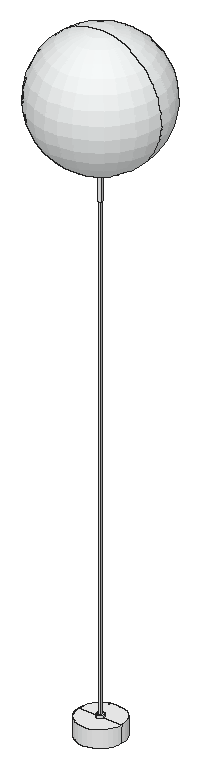
Revit family "56591.1_HOST_FACE_2015", category Lighting Fixtures, host Face, Revit 2015
Parameters (values of type "Pendant Luminaires")
  Wattage = 23.8586 W
  built-in parameter 1150110 = 1 (stored number, unit not read)
  URL = "www.bega-us.com"
  built-in parameter 1114217 = 1 (stored number, unit not read)
  Tilt Angle = 90.00°
  built-in parameter 1150109 = 1 (stored number, unit not read)
  built-in parameter 1150134 = (empty or 0)
  Telephone = "805.684.0533"
  built-in parameter 1150113 = 1 (stored number, unit not read)
  Photometric Web File = "56591.ies"
  built-in parameter 1150142 = "IESNA:LM-63-1995\r\n[TEST] \r\n[MANUFAC] GLASHÜTTE LIMBURG\r\n[MORE] Converted by LUMCat V \r\n[MORE] 20.04.2015 / M.S.\r\n[LUMCAT] \r\n[LUMINAIRE] 56591\r\n[LAMPCAT] LED  35,1W\r\n[LAMPCAT] LED  35,1W    3543 lm,   41 W\r\n[LAMP] LED  35,1W\r\nTILT=NONE\r\n1 -1 1 73 1 1 1 -1.31 0 -1.31\r\n1 1 41\r\n0 2.5 5 7.5 10 12.5 15 17.5 20 22.5 25 27.5 30 32.5 35 37.5 40 42.5 45 47.5 50 52.5 55 57.5 60 62.5 65 67.5 70 72.5 75 77.5 80 82.5\r\n 85 87.5 90 92.5 95 97.5 100 102.5 105 107.5 110 112.5 115 117.5 120 122.5 125 127.5 130 132.5 135 137.5 140 142.5 145 147.5 150 \r\n152.5 155 157.5 160 162.5 165 167.5 170 172.5 175 177.5 180\r\n0\r\n310.30 310.40 310.50 311.00 311.10 311.30 311.50 311.70 311.90 311.90 312.00 312.10 312.20 312.40 312.40 312.60 312.60 312.70 \r\n312.70 312.60 312.60 312.50 312.30 312.00 311.70 311.20 310.60 309.80 309.20 308.10 306.90 305.60 304.20 302.50 300.70 298.70 \r\n296.60 294.30 291.90 289.30 286.50 283.70 280.70 277.50 274.20 270.80 267.40 263.80 260.20 256.80 253.10 249.50 245.90 242.40 \r\n238.90 235.50 232.20 228.90 225.70 222.50 219.50 216.70 213.90 211.30 208.80 204.10 196.60 186.20 168.00 146.10 119.50 80.40 74.80\r\n"
  Model = "56 591.1"
  Manufacturer = "BEGA-US"
  built-in parameter 1150105 = 282.02 (stored number, unit not read)
  Lumens = 3544 lm
  built-in parameter 1150115 = 1 (stored number, unit not read)
  built-in parameter 1150137 = (empty or 0)
  built-in parameter 1150139 = (empty or 0)
  built-in parameter 1150112 = 1 (stored number, unit not read)
  built-in parameter 1150114 = 1 (stored number, unit not read)
  Lamp = "35.7W LED"
  built-in parameter 1150132 = 2
  built-in parameter 1150102 = (empty or 0)
  built-in parameter 1150107 = 3000 (stored number, unit not read)
  built-in parameter 1150138 = (empty or 0)
  built-in parameter 1150106 = 2.8202 (stored number, unit not read)
  built-in parameter 1150104 = 13.8 (stored number, unit not read)
  Dimming Lamp Color Temperature Shift = <None>
  Description = "Pendant -sphere"
  Default Elevation = 0' - 0"
  Color Filter = 16777215
  built-in parameter 1114218 = 1 (stored number, unit not read)
  built-in parameter 1150133 = 10 (stored number, unit not read)
Reference planes (in)
  plane 1 "Center (Front/Back)": y = 0
  plane 2: z = 0
  plane 3 "Center (Left/Right)": x = 0
Dimensions and locks (in)
  aligned and locked: plane 2 to host face
  aligned and locked: level to host face
Nested families (in)
  nested 1: "56591.1" at (0, 0, 0), type "56591.1"
Connectors (in)
  electrical at (0, 0, 0)
    settings: on host face, index 1, voltage 0 V, apparent load 0 VA, apparent load phase1 0 VA, apparent load phase2 0 VA, apparent load phase3 0 VA, power factor 1, load classification "Other", number of poles 1, system type 31, power factor state 1, is connector primary yes, connector utility no, sub classification motor no, connector description ""
Definition of nested family "56591.1"
  Reference planes (in)
    plane 1 "Center (Front/Back)": y = 0
    plane 2: z = 0
    plane 3 "Center (Left/Right)": x = 0
  Forms (in)
    Revolve 1, solid
      sketch origin (0, 0, 0) x (1, 0, 0) y (0, 0, 1)
        loop
          arc (3.60772, 66.125) -> (7.65312, 74.98116) -> (0, 81) r 7.875
          line (0, 81) -> (0, 80.9375)
          arc (0, 80.9375) -> (7.5906, 74.97377) -> (3.59253, 66.1875) r 7.8125
          line (3.59253, 66.1875) -> (2.79522, 66.1875) -> (2.79522, 65.875) -> (2.85772, 65.875) -> (2.85772, 66.125) -> (3.60772, 66.125)
        axis (0, 65.875) -> (0, 81)
      angle from 0 to 360
    Revolve 2, solid
      sketch origin (0, 0, 0) x (1, 0, 0) y (0, 0, 1)
        loop
          arc (-3.35772, 66.0017) -> (-1.8422, 65.4685) -> (-0.25, 65.25397) r 7.875
          line (-0.25, 65.25397) -> (-0.25, 61.375) -> (0, 61.375) -> (0, 66.125) -> (-3.35772, 66.125) -> (-3.35772, 66.0017)
        axis (0, 61.375) -> (0, 66.125)
      angle from 0 to 360
    Revolve 3, solid
      sketch origin (0, 0, 0) x (1, 0, 0) y (0, 0, 1)
        loop
          line (0, 0) -> (2.8125, 0) -> (2.8125, 2.125) -> (0.4375, 2.125) -> (0.4375, 2.375) -> (0.125, 2.375) -> (0.125, 61.375) -> (0, 61.375) -> (0, 2.0625) -> (2.75, 2.0625) -> (2.75, 0.0625) -> (0, 0.0625) -> (0, 0)
        axis (0, 0) -> (0, 61.375)
      angle from 0 to 360
  Dimensions and locks (in)
    aligned and locked: plane 2 to level
Types (5): name | Wattage | built-in parameter 1150134 | Photometric Web File | built-in parameter 1150142 | Model | built-in parameter 1150105 | Lumens | Lamp | built-in parameter 1150107 | built-in parameter 1150106 | Description | Default Elevation
  (no name) | 23.8586 W | (empty or 0) | "56591.ies" | "IESNA:LM-63-1995\r\n[TEST] \r\n[MANUFAC] GLASHÜTTE LIMBURG\r\n[MORE] Converted by LUMCat V \r\n[MORE] 20.04.2015 / M.S.\r\n[LUMCAT] \r\n[LUMINAIRE] 56591\r\n[LAMPCAT] LED  35,1W\r\n[LAMPCAT] LED  35,1W    3543 lm,   41 W\r\n[LAMP] LED  35,1W\r\nTILT=NONE\r\n1 -1 1 73 1 1 1 -1.31 0 -1.31\r\n1 1 41\r\n0 2.5 5 7.5 10 12.5 15 17.5 20 22.5 25 27.5 30 32.5 35 37.5 40 42.5 45 47.5 50 52.5 55 57.5 60 62.5 65 67.5 70 72.5 75 77.5 80 82.5\r\n 85 87.5 90 92.5 95 97.5 100 102.5 105 107.5 110 112.5 115 117.5 120 122.5 125 127.5 130 132.5 135 137.5 140 142.5 145 147.5 150 \r\n152.5 155 157.5 160 162.5 165 167.5 170 172.5 175 177.5 180\r\n0\r\n310.30 310.40 310.50 311.00 311.10 311.30 311.50 311.70 311.90 311.90 312.00 312.10 312.20 312.40 312.40 312.60 312.60 312.70 \r\n312.70 312.60 312.60 312.50 312.30 312.00 311.70 311.20 310.60 309.80 309.20 308.10 306.90 305.60 304.20 302.50 300.70 298.70 \r\n296.60 294.30 291.90 289.30 286.50 283.70 280.70 277.50 274.20 270.80 267.40 263.80 260.20 256.80 253.10 249.50 245.90 242.40 \r\n238.90 235.50 232.20 228.90 225.70 222.50 219.50 216.70 213.90 211.30 208.80 204.10 196.60 186.20 168.00 146.10 119.50 80.40 74.80\r\n" | "56 591.1" | 282.02 (stored number, unit not read) | 3544 lm | "35.7W LED" | 3000 (stored number, unit not read) | 2.8202 (stored number, unit not read) | "Pendant -sphere" | 0' - 0"
  Wall Luminaires - Directed Light | 18.4392 W | (empty or 0) | "generic" | (empty or 0) | "2260LED" | 217.96 (stored number, unit not read) | 2739 lm | "44.6W LED" | 3000 (stored number, unit not read) | 2.1796 (stored number, unit not read) | "Surface wall with cutoff optics" | 6' - 0"
  Wall Luminaires - Linear | 9.92985 W | 9 | "generic" | (empty or 0) | "4425P" | 117.38 (stored number, unit not read) | 1475 lm | "(1) 39W CF twin-4-p" | 3450 (stored number, unit not read) | 1.1738 (stored number, unit not read) | "Suface wall - linear with white acrylic diffuser" | 6' - 0"
  Ceiling and Wall Luminaires - Unshielded | 2.66591 W | (empty or 0) | "33508.ies" | "IESNA:LM-63-2002\r\n[TEST] L05135312R01\r\n[TESTLAB] LIGHT LABORATORY, INC.\r\n[ISSUEDATE] 06/03/2013\r\n[MANUFAC] BEGA US\r\n[LUMCAT] 33 508\r\n[LUMINAIRE] 8-1/4\"DIA. X 4-3/4\"H. SURFACE WALL LED FIXTURE\r\n[MORE] CRYSTAL GLASS WITH INTERNAL TEXTURE\r\n[MORE] DIE CAST ALUMINIUM COVER TOP\r\n[BALLASTCAT] INVENTRONICS LUC-012S035DSM\r\n[BALLAST] INPUT:100-277VAC, 0.2A, 50/60HZ OUTPUT:17-34VDC, 0.035-0.35A\r\n[LAMPPOSITION] 0,0\r\n[LAMPCAT] N/A\r\n[OTHER] INDICATING THE CANDELA VALUES ARE ABSOLUTE AND\r\n[MORE] SHOULD NOT BE FACTORED FOR DIFFERENT LAMP RATINGS.\r\n[_INPUT] 120VAC, 9.69W\r\n[_TEST PROCEDURE] IESNA:LM-79-08\r\nTILT=NONE\r\n1 -1 1 73 145 1 1 -0.65 -0.65 0.21\r\n1 1 9.69\r\n0 2.5 5 7.5 10 12.5 15 17.5 20 22.5 25 27.5 30 32.5 35 37.5 40 42.5 45 47.5 50 52.5 55 57.5 60 62.5 65 67.5 70 72.5 75 77.5 80 82.5 85 87.5 90 92.5 95 97.5 100 102.5 105 107.5 110 112.5 115 117.5 120 122.5 125 127.5 130 132.5 135 137.5 140 142.5 145 147.5\r\n 150 152.5 155 157.5 160 162.5 165 167.5 170 172.5 175 177.5 180\r\n0 2.5 5 7.5 10 12.5 15 17.5 20 22.5 25 27.5 30 32.5 35 37.5 40 42.5 45 47.5 50 52.5 55 57.5 60 62.5 65 67.5 70 72.5 75 77.5 80 82.5 85 87.5 90 92.5 95 97.5 100 102.5 105 107.5 110 112.5 115 117.5 120 122.5 125 127.5 130 132.5 135 137.5 140 142.5 145 147.5\r\n 150 152.5 155 157.5 160 162.5 165 167.5 170 172.5 175 177.5 180 182.5 185 187.5 190 192.5 195 197.5 200 202.5 205 207.5 210 212.5 215 217.5 220 222.5 225 227.5 230 232.5 235 237.5 240 242.5 245 247.5 250 252.5 255 257.5 260 262.5 265 267.5 270 272.5 275 \r\n277.5 280 282.5 285 287.5 290 292.5 295 297.5 300 302.5 305 307.5 310 312.5 315 317.5 320 322.5 325 327.5 330 332.5 335 337.5 340 342.5 345 347.5 350 352.5 355 357.5 360\r\n0.99 1.69 2.39 4.97 7.54 11.07 14.60 18.59 22.58 26.38 30.18 33.83 37.48 40.95 44.41 47.75 51.09 54.11 57.13 59.94 62.75 65.23 67.70 69.92 72.13 73.96 75.78 77.27 78.75 79.91 81.07 81.96 82.84 83.46 84.07 84.22 84.36 84.66 84.96 85.40 85.84 86.25 86.66 \r\n86.97 87.28 87.42 87.55 87.38 87.21 86.65 86.08 85.15 84.21 82.86 81.51 79.83 78.14 76.04 73.94 71.52 69.10 66.39 63.67 60.61 57.54 54.10 50.65 47.21 43.76 40.59 37.41 35.06 32.00\r\n0.99 1.69 2.39 4.96 7.54 11.05 14.60 18.56 22.58 26.35 30.18 33.79 37.48 40.90 44.42 47.70 51.08 54.04 57.12 59.88 62.77 65.17 67.70 69.86 72.17 73.90 75.70 77.20 78.68 79.85 80.99 81.89 82.77 83.41 83.99 84.24 84.45 84.73 85.05 85.45 85.88 86.26 86.64 \r\n86.97 87.29 87.44 87.57 87.39 87.21 86.61 86.06 85.10 84.20 82.82 81.50 79.77 78.11 75.99 73.93 71.48 69.10 66.35 63.67 60.57 57.54 54.07 50.64 47.19 43.76 40.57 37.41 35.06 32.00\r\n0.99 1.69 2.39 4.93 7.54 11.00 14.60 18.48 22.57 26.24 30.03 33.67 37.29 40.76 44.22 47.53 50.83 53.85 56.85 59.68 62.50 64.97 67.40 69.65 71.87 73.72 75.50 77.01 78.47 79.66 80.77 81.72 82.55 83.26 83.78 84.24 84.53 84.83 85.17 85.57 85.94 86.30 86.66 \r\n87.00 87.28 87.42 87.49 87.32 87.09 86.53 85.91 85.00 84.04 82.71 81.34 79.65 77.94 75.87 73.78 71.38 68.96 66.26 63.54 60.49 57.53 53.99 50.64 47.13 43.76 40.55 37.41 35.05 32.00\r\n0.99 1.68 2.39 4.90 7.54 10.92 14.41 18.34 22.28 26.07 29.85 33.46 37.06 40.52 43.96 47.26 50.53 53.55 56.53 59.36 62.15 64.65 67.04 69.29 71.47 73.36 75.11 76.68 78.11 79.37 80.44 81.44 82.26 83.01 83.59 84.05 84.46 84.84 85.24 85.63 85.99 86.38 86.68 \r\n87.01 87.24 87.40 87.41 87.25 86.95 86.39 85.74 84.85 83.85 82.52 81.13 79.46 77.73 75.68 73.59 71.21 68.79 66.10 63.38 60.35 57.28 53.87 50.45 47.05 43.75 40.50 37.41 35.04 32.00\r\n0.99 1.68 2.39 4.84 7.38 10.80 14.27 18.15 22.06 25.83 29.58 33.18 36.75 40.19 43.59 46.87 50.11 53.14 56.08 58.91 61.66 64.19 66.55 68.80 70.93 72.90 74.62 76.24 77.62 79.03 80.04 81.08 81.93 82.66 83.33 83.88 84.39 84.81 85.21 85.61 86.00 86.36 86.68 \r\n87.02 87.18 87.33 87.26 87.11 86.73 86.22 85.50 84.62 83.56 82.26 80.85 79.21 77.45 75.42 73.31 70.96 68.54 65.89 63.16 60.15 57.09 53.70 50.31 46.93 43.56 40.44 37.41 35.02 32.00\r\n0.99 1.67 2.35 4.78 7.29 10.65 14.09 17.90 21.78 25.52 29.24 32.81 36.35 39.77 43.13 46.38 49.57 52.62 55.53 58.34 61.03 63.60 65.92 68.17 70.26 72.33 73.98 75.66 77.09 78.40 79.61 80.59 81.52 82.34 83.00 83.61 84.15 84.63 85.08 85.53 85.92 86.27 86.63 \r\n86.87 87.06 87.16 87.05 86.92 86.45 85.96 85.18 84.32 83.19 81.92 80.47 78.88 77.10 75.10 72.97 70.64 68.21 65.59 62.87 59.90 56.84 53.48 50.12 46.77 43.45 40.35 37.30 35.00 32.00\r\n0.99 1.66 2.34 4.70 7.18 10.46 13.86 17.60 21.43 25.15 28.82 32.37 35.86 39.25 42.56 45.80 48.95 52.01 54.85 57.66 60.30 62.92 65.17 67.43 69.50 71.51 73.33 74.94 76.49 77.78 79.02 80.12 81.02 81.87 82.64 83.32 83.90 84.42 84.88 85.34 85.74 86.15 86.43 \r\n86.66 86.88 86.84 86.77 86.52 86.08 85.56 84.78 83.96 82.75 81.52 80.03 78.47 76.64 74.69 72.55 70.25 67.82 65.24 62.52 59.58 56.53 53.22 49.90 46.59 43.31 40.25 37.25 34.98 32.00\r\n0.99 1.66 2.32 4.60 7.06 10.24 13.60 17.25 21.04 24.72 28.33 31.85 35.28 38.65 41.90 45.11 48.21 51.28 54.07 56.84 59.44 62.01 64.35 66.55 68.67 70.62 72.57 74.17 75.72 77.13 78.34 79.47 80.58 81.39 82.15 82.88 83.50 84.07 84.58 85.08 85.52 85.84 86.13 \r\n86.41 86.47 86.46 86.40 86.04 85.64 85.02 84.27 83.38 82.23 80.99 79.50 77.99 76.12 74.21 72.04 69.80 67.37 64.83 62.11 59.22 56.17 52.91 49.64 46.37 43.16 40.14 37.19 34.95 32.00\r\n0.99 1.65 2.30 4.49 6.91 9.99 13.30 16.85 20.58 24.22 27.76 31.25 34.62 37.96 41.15 44.32 47.36 50.37 53.16 55.88 58.50 61.00 63.44 65.59 67.71 69.68 71.57 73.39 74.87 76.30 77.66 78.77 79.81 80.77 81.62 82.42 83.10 83.69 84.20 84.68 85.06 85.44 85.79 \r\n85.92 85.99 86.02 85.78 85.48 85.07 84.39 83.70 82.70 81.60 80.34 78.90 77.34 75.51 73.65 71.47 69.28 66.84 64.37 61.64 58.80 55.76 52.55 49.34 46.13 42.97 40.00 37.12 34.92 32.00\r\n0.99 1.63 2.28 4.37 6.75 9.71 12.96 16.41 20.06 23.66 27.13 30.58 33.89 37.17 40.30 43.41 46.42 49.35 52.17 54.82 57.44 59.91 62.33 64.55 66.63 68.68 70.53 72.31 73.99 75.40 76.73 77.98 79.10 80.03 80.90 81.73 82.44 83.06 83.62 84.13 84.59 84.90 85.18 \r\n85.32 85.45 85.30 85.09 84.85 84.29 83.69 82.92 81.93 80.92 79.57 78.21 76.59 74.82 72.93 70.85 68.68 66.26 63.83 61.11 58.33 55.30 52.15 49.00 45.85 42.77 39.85 37.05 34.88 32.00\r\n0.99 1.62 2.25 4.23 6.56 9.39 12.58 15.91 19.49 23.05 26.44 29.83 33.07 36.27 39.37 42.41 45.39 48.24 51.08 53.66 56.26 58.74 61.10 63.45 65.49 67.49 69.42 71.13 72.82 74.43 75.75 76.97 78.12 79.17 80.11 81.03 81.78 82.41 82.96 83.43 83.84 84.17 84.46 \r\n84.66 84.59 84.46 84.32 83.94 83.45 82.89 82.01 81.08 79.99 78.74 77.41 75.75 74.06 72.15 70.12 67.98 65.62 63.21 60.52 57.81 54.78 51.70 48.62 45.54 42.54 39.68 36.96 34.84 32.00\r\n0.99 1.61 2.22 4.08 6.36 9.05 12.16 15.36 18.86 22.35 25.68 28.98 32.18 35.30 38.36 41.31 44.26 47.05 49.79 52.47 54.99 57.48 59.81 62.09 64.30 66.25 68.13 69.94 71.57 73.11 74.56 75.95 77.08 78.13 79.07 80.00 80.75 81.43 82.03 82.54 83.01 83.40 83.56 \r\n83.64 83.64 83.58 83.30 82.97 82.56 81.82 81.02 80.13 78.99 77.81 76.42 74.83 73.19 71.30 69.34 67.17 64.92 62.50 59.87 57.21 54.22 51.21 48.21 45.20 42.30 39.49 36.87 34.79 32.00\r\n0.99 1.59 2.19 3.91 6.14 8.68 11.71 14.76 18.17 21.58 24.86 28.07 31.21 34.24 37.25 40.14 43.00 45.76 48.47 51.15 53.64 56.08 58.44 60.68 62.86 64.98 66.80 68.54 70.23 71.77 73.20 74.56 75.80 76.96 77.98 79.01 79.72 80.49 81.03 81.51 81.91 82.21 82.42 \r\n82.57 82.59 82.43 82.21 81.95 81.38 80.69 79.97 78.98 77.93 76.78 75.34 73.86 72.17 70.37 68.49 66.32 64.13 61.73 59.18 56.52 53.61 50.69 47.76 44.83 42.03 39.29 36.77 34.74 32.00\r\n0.99 1.58 2.16 3.74 5.91 8.27 11.23 14.17 17.44 20.75 23.97 27.08 30.26 33.10 36.03 38.89 41.65 44.41 47.05 49.65 52.26 54.60 56.95 59.20 61.33 63.39 65.39 67.12 68.74 70.29 71.79 73.15 74.39 75.53 76.56 77.51 78.32 79.05 79.68 80.20 80.64 80.99 81.22 \r\n81.31 81.31 81.22 81.06 80.61 80.09 79.50 78.68 77.79 76.80 75.55 74.20 72.77 71.09 69.36 67.47 65.41 63.36 60.88 58.43 55.77 52.96 50.12 47.28 44.43 41.73 39.08 36.67 34.69 32.00\r\n0.99 1.56 2.13 3.55 5.66 7.84 10.71 13.57 16.65 19.86 23.02 26.03 29.01 31.90 34.74 37.68 40.24 42.93 45.54 48.12 50.66 53.12 55.37 57.58 59.71 61.72 63.64 65.50 67.24 68.75 70.19 71.55 72.83 74.02 75.10 76.12 76.92 77.71 78.29 78.80 79.21 79.54 79.78 \r\n79.94 80.00 79.84 79.55 79.19 78.77 78.08 77.32 76.49 75.46 74.25 73.01 71.51 69.94 68.40 66.38 64.44 62.30 59.98 57.64 54.98 52.26 49.52 46.77 44.00 41.42 38.84 36.55 34.63 32.00\r\n0.99 1.54 2.09 3.35 5.39 7.43 10.16 12.92 15.82 18.91 21.98 24.91 27.79 30.64 33.38 36.09 38.80 41.38 43.97 46.51 48.98 51.42 53.74 55.87 57.95 59.97 61.85 63.65 65.39 67.03 68.57 69.90 71.14 72.30 73.37 74.34 75.24 75.98 76.62 77.17 77.64 78.02 78.31 \r\n78.38 78.35 78.20 77.99 77.69 77.18 76.58 75.90 75.01 74.00 72.91 71.63 70.19 68.71 67.06 65.23 63.38 61.26 59.04 56.72 54.14 51.51 48.87 46.22 43.56 41.09 38.60 36.43 34.57 32.00\r\n0.99 1.52 2.05 3.13 5.11 7.08 9.58 12.24 14.94 17.92 20.87 23.74 26.51 29.28 31.95 34.60 37.24 39.78 42.31 44.79 47.24 49.59 51.90 54.10 56.12 58.07 59.95 61.77 63.45 65.05 66.56 67.97 69.28 70.50 71.60 72.66 73.55 74.34 74.92 75.45 75.90 76.23 76.44 \r\n76.56 76.61 76.54 76.28 75.94 75.51 75.04 74.26 73.40 72.47 71.44 70.14 68.81 67.36 65.73 64.03 62.18 60.15 58.04 55.72 53.26 50.73 48.20 45.65 43.12 40.74 38.34 36.30 34.51 32.00\r\n0.99 1.50 2.01 2.91 4.81 6.70 8.96 11.53 14.08 16.87 19.70 22.66 25.18 27.84 30.47 33.04 35.57 38.14 40.58 43.00 45.40 47.70 49.92 52.10 54.19 56.14 57.96 59.72 61.41 63.03 64.53 65.93 67.23 68.42 69.52 70.51 71.42 72.19 72.86 73.43 73.92 74.30 74.57 \r\n74.69 74.71 74.62 74.44 74.17 73.78 73.18 72.50 71.73 70.83 69.75 68.60 67.35 65.89 64.35 62.77 60.90 58.98 57.12 54.66 52.32 49.91 47.48 45.04 42.66 40.37 38.06 36.17 34.44 32.00\r\n0.99 1.48 1.97 2.68 4.50 6.31 8.32 10.78 13.22 15.77 18.48 21.16 23.80 26.33 28.89 31.41 33.86 36.35 38.78 41.14 43.43 45.71 47.89 50.01 52.04 54.02 55.92 57.63 59.27 60.83 62.32 63.74 65.07 66.28 67.40 68.46 69.29 70.13 70.77 71.35 71.83 72.20 72.46 \r\n72.61 72.68 72.66 72.54 72.21 71.79 71.28 70.69 69.89 69.02 68.04 67.01 65.70 64.36 62.93 61.31 59.58 57.76 55.77 53.57 51.33 49.06 46.74 44.40 42.17 39.98 37.77 36.03 34.37 32.00\r\n0.99 1.46 1.93 2.43 4.17 5.91 7.65 10.00 12.33 14.66 17.21 19.78 22.33 24.77 27.24 29.67 32.11 34.48 36.86 39.20 41.43 43.60 45.75 47.87 49.85 51.73 53.57 55.32 57.01 58.61 60.06 61.42 62.70 63.90 65.05 66.07 66.96 67.75 68.45 69.06 69.56 69.96 70.29 \r\n70.50 70.56 70.50 70.35 70.11 69.77 69.32 68.65 67.91 67.14 66.28 65.19 64.02 62.78 61.38 59.81 58.21 56.47 54.49 52.43 50.33 48.17 45.96 43.74 41.67 39.58 37.47 35.88 34.30 32.00\r\n0.99 1.44 1.88 2.32 3.84 5.48 7.12 9.18 11.40 13.59 15.90 18.34 20.76 23.19 25.54 27.87 30.27 32.56 34.88 37.12 39.33 41.45 43.51 45.52 47.49 49.39 51.17 52.87 54.51 56.08 57.56 58.94 60.24 61.46 62.68 63.78 64.63 65.47 66.10 66.70 67.18 67.57 67.88 68.09\r\n 68.19 68.22 68.15 67.95 67.57 67.11 66.53 65.89 65.17 64.32 63.33 62.31 61.07 59.70 58.25 56.77 55.02 53.16 51.26 49.26 47.24 45.16 43.10 41.14 39.16 37.22 35.72 34.22 32.00\r\n0.99 1.41 1.83 2.25 3.49 5.04 6.59 8.34 10.43 12.50 14.69 16.86 19.14 21.49 23.78 26.05 28.32 30.60 32.86 35.01 37.12 39.18 41.32 43.13 45.01 46.84 48.60 50.33 51.97 53.51 54.94 56.29 57.57 58.77 59.95 60.98 61.89 62.69 63.41 64.05 64.57 65.00 65.38 65.65\r\n 65.80 65.81 65.73 65.53 65.25 64.87 64.48 63.75 63.06 62.31 61.45 60.42 59.23 57.98 56.66 55.16 53.53 51.80 50.16 48.17 46.27 44.33 42.44 40.60 38.72 36.98 35.56 34.14 32.00\r\n0.99 1.39 1.78 2.18 3.12 4.59 6.05 7.57 9.44 11.38 13.32 15.33 17.49 19.72 21.91 24.17 26.33 28.52 30.69 32.85 34.85 36.84 38.76 40.65 42.48 44.26 45.96 47.63 49.22 50.75 52.19 53.55 54.83 56.04 57.20 58.27 59.14 60.00 60.69 61.35 61.89 62.33 62.71 62.98 \r\n63.13 63.21 63.20 63.09 62.89 62.51 62.07 61.53 60.94 60.28 59.39 58.40 57.35 56.21 54.93 53.48 52.00 50.40 48.77 47.06 45.28 43.56 41.77 40.04 38.27 36.73 35.40 34.06 32.00\r\n0.99 1.36 1.73 2.10 2.75 4.12 5.49 6.84 8.41 10.23 12.05 13.86 15.81 17.90 19.99 22.17 24.29 26.37 28.42 30.48 32.48 34.45 36.29 38.10 39.85 41.57 43.25 44.89 46.45 47.92 49.34 50.69 51.94 53.14 54.28 55.30 56.22 57.03 57.77 58.44 59.01 59.50 59.91 60.24 \r\n60.46 60.57 60.59 60.50 60.33 60.06 59.73 59.30 58.71 58.00 57.23 56.36 55.43 54.29 53.08 51.77 50.41 48.97 47.47 45.91 44.26 42.67 41.07 39.46 37.81 36.47 35.23 33.97 32.00\r\n0.99 1.34 1.68 2.03 2.38 3.64 4.91 6.17 7.42 9.05 10.75 12.43 14.18 16.04 18.04 20.09 22.15 24.17 26.11 28.06 29.96 31.85 33.69 35.58 37.18 38.82 40.43 42.00 43.52 44.97 46.39 47.73 48.99 50.19 51.34 52.41 53.29 54.14 54.84 55.51 56.09 56.59 57.02 57.38 \r\n57.60 57.76 57.85 57.86 57.76 57.65 57.24 56.81 56.30 55.70 55.04 54.25 53.31 52.29 51.20 50.04 48.81 47.52 46.15 44.74 43.24 41.83 40.36 38.86 37.36 36.20 35.05 33.88 32.00\r\n0.99 1.31 1.63 1.95 2.27 3.15 4.32 5.48 6.63 7.84 9.41 10.96 12.61 14.24 16.05 17.96 19.98 21.94 23.78 25.74 27.40 29.17 30.93 32.64 34.32 35.95 37.56 39.08 40.55 41.95 43.31 44.60 45.81 46.98 48.10 49.15 50.12 50.95 51.70 52.39 53.00 53.53 54.00 54.43 \r\n54.72 54.93 55.07 55.09 54.98 54.81 54.58 54.28 53.87 53.51 52.69 51.95 51.13 50.25 49.29 48.28 47.18 46.04 44.80 43.54 42.26 40.97 39.63 38.25 36.98 35.93 34.87 33.79 32.00\r\n0.99 1.28 1.57 1.87 2.17 2.65 3.71 4.78 5.83 6.88 8.05 9.48 11.01 12.51 14.17 15.93 17.80 19.71 21.41 23.07 24.78 26.45 28.13 29.76 31.36 32.91 34.47 35.96 37.41 38.80 40.14 41.40 42.59 43.74 44.85 45.96 46.95 47.82 48.55 49.24 49.86 50.40 50.89 51.33 \r\n51.64 51.86 52.02 52.11 52.10 52.04 51.91 51.67 51.26 50.79 50.24 49.63 48.93 48.32 47.37 46.51 45.54 44.53 43.43 42.38 41.27 40.10 38.89 37.63 36.62 35.66 34.69 33.70 32.00\r\n0.99 1.26 1.52 1.78 2.05 2.32 3.10 4.06 5.01 5.96 6.92 7.98 9.38 10.79 12.33 13.87 15.66 17.48 18.98 20.51 22.13 23.70 25.29 26.84 28.36 29.85 31.35 32.79 34.18 35.53 36.83 38.06 39.23 40.36 41.44 42.48 43.46 44.31 45.09 45.83 46.49 47.07 47.60 48.09 \r\n48.47 48.76 48.98 49.11 49.13 49.09 48.98 48.81 48.52 48.19 47.76 47.31 46.72 46.12 45.43 44.70 43.87 43.00 42.13 41.23 40.26 39.21 38.13 37.08 36.24 35.38 34.50 33.61 32.00\r\n0.99 1.23 1.46 1.70 1.94 2.18 2.47 3.33 4.18 5.03 5.89 6.80 7.77 9.04 10.46 11.90 13.50 15.08 16.52 17.94 19.44 20.92 22.42 23.88 25.30 26.72 28.15 29.54 30.89 32.20 33.47 34.69 35.85 36.97 38.14 39.05 39.97 40.85 41.74 42.39 43.09 43.69 44.24 44.74 45.14\r\n 45.46 45.70 45.88 45.99 46.04 46.02 45.93 45.77 45.58 45.29 44.94 44.52 44.03 43.48 42.87 42.21 41.56 40.84 40.07 39.23 38.31 37.36 36.60 35.86 35.09 34.31 33.51 32.00\r\n0.99 1.20 1.40 1.61 1.83 2.03 2.24 2.59 3.34 4.09 4.84 5.67 6.55 7.52 8.65 9.87 11.27 12.68 14.03 15.39 16.78 18.15 19.53 20.89 22.22 23.56 24.91 26.24 27.53 28.79 30.00 31.18 32.30 33.42 34.48 35.40 36.26 37.13 37.96 38.73 39.44 40.08 40.67 41.21 41.68 \r\n42.06 42.39 42.65 42.85 43.00 43.08 43.12 43.09 43.00 42.83 42.60 42.30 41.93 41.60 41.12 40.66 40.12 39.54 38.89 38.19 37.40 36.75 36.12 35.47 34.80 34.12 33.42 32.00\r\n0.99 1.17 1.35 1.53 1.71 1.89 2.07 2.24 2.48 3.13 3.78 4.52 5.30 6.20 7.15 8.16 9.18 10.26 11.52 12.80 14.09 15.38 16.65 17.92 19.17 20.43 21.68 22.93 24.16 25.36 26.52 27.65 28.75 29.86 31.02 31.79 32.54 33.47 34.39 35.09 35.82 36.49 37.13 37.73 38.27 \r\n38.73 39.14 39.49 39.79 40.02 40.20 40.34 40.42 40.42 40.36 40.24 40.12 39.95 39.72 39.43 39.09 38.68 38.22 37.71 37.15 36.65 36.17 35.63 35.08 34.50 33.92 33.32 32.00\r\n0.99 1.14 1.29 1.44 1.59 1.74 1.89 2.04 2.19 2.35 2.71 3.36 4.04 4.85 5.71 6.63 7.56 8.52 9.49 10.52 11.56 12.61 13.74 14.93 16.11 17.29 18.45 19.62 20.77 21.90 23.01 24.10 25.15 26.24 27.30 28.20 29.06 29.95 30.80 31.59 32.34 33.04 33.71 34.35 34.94 \r\n35.46 35.94 36.35 36.73 37.04 37.32 37.58 37.81 37.95 38.05 38.10 38.10 38.03 37.92 37.74 37.53 37.23 36.90 36.60 36.33 35.96 35.58 35.13 34.68 34.21 33.72 33.22 32.00\r\n0.99 1.11 1.23 1.35 1.47 1.59 1.71 1.83 1.95 2.09 2.23 2.49 2.78 3.49 4.25 5.08 5.91 6.79 7.67 8.61 9.55 10.53 11.51 12.51 13.51 14.53 15.54 16.57 17.58 18.60 19.61 20.61 21.60 22.74 23.74 24.65 25.58 26.46 27.35 28.22 28.91 29.65 30.37 31.07 31.74 32.33 \r\n32.90 33.42 33.90 34.34 34.75 35.10 35.41 35.63 35.82 35.9
